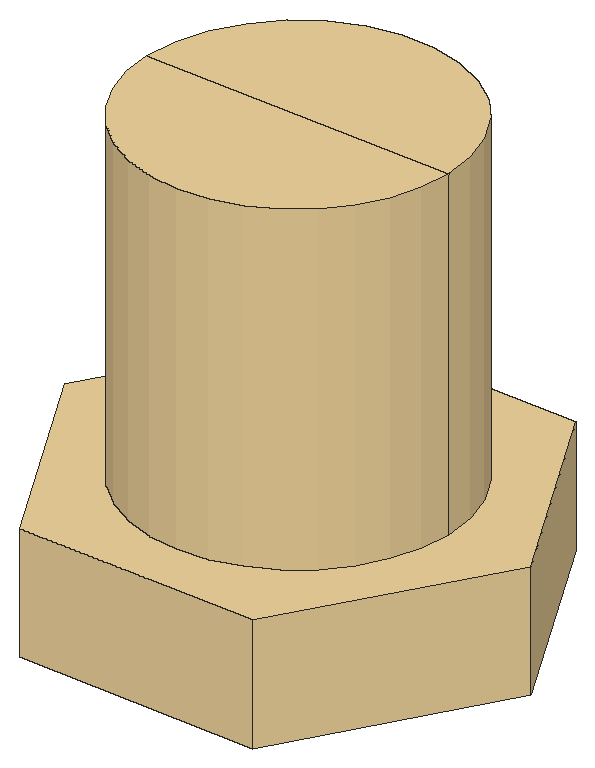
Revit family "252", category Pipe Accessories, Revit 2025
Family settings
  Round Connector Dimension = Use Diameter
  Part Type = Normal
  Work Plane-Based = Yes
  Always vertical = No
  Cut with Voids When Loaded = No
  Shared = Yes
Parameters (values of type "1"F x calotta 1-1/2"F")
  Series = "R252"  # constant formula
  R2 = 22.6 mm
  R1 = 19 mm
  Nut Dimension = 50.8 mm
  Model = "1\"F x calotta 1-1/2\"F"
  Manufacturer = "Giacomini"  # constant formula
  Height = 55.2 mm
  H1 = 14.5 mm
  Description = "Ball valve, female-female connections with nut and gasket, for pump or mixing valve"  # constant formula
  Default Elevation = 1219.2 mm
  Code [instance] = "R252Y001"
Types (3, lengths in mm): name | R2 | R1 | Nut Dimension | Model | Height | H1 | Code
  (no name) | 22.6 | 19 | 50.8 | "1\"F x calotta 1-1/2\"F" | 55.2 | 14.5 | "R252Y001"
  1"F x calotta 1-1/2"F | 22.6 | 19 | 50.8 | "1\"F x calotta 1-1/2\"F" | 55.2 | 14.5 | "R252Y001"
  1-1/4"F x calotta 2"F | 28.5 | 23.6 | 63.1 | "1-1/4\"F x calotta 2\"F" | 66.3 | 15.1 | "R252Y002"
Reference planes
  plane 1 "Center (Front/Back)": y = 0
  plane 2: z = 0
  plane 3 "Center (Left/Right)": x = 0
  plane 4: z = 14.5
  plane 5: z = 55.2
Forms (mm)
  Revolve 1, solid, material "Brass - Giacomini"
    sketch origin (0, 0, 0) x (1, 0, 0) y (0, 0, 1)
      loop
        line (0, 55.2) -> (0, 14.5) -> (19, 14.5) -> (19, 55.2) -> (0, 55.2)
      axis (0, 55.2) -> (0, 14.5)
    angle from 0 to 360
  Extrusion 2, solid, material "Brass - Giacomini"
    sketch origin (0, 0, 0) x (1, 0, 0) y (0, 1, 0)
      loop
        line (-14.665, 25.4) -> (-29.329, 0) -> (-14.665, -25.4) -> (14.665, -25.4) -> (29.329, 0) -> (14.665, 25.4) -> (-14.665, 25.4)
    from 0 to 14.5
  Revolve 3, void
    sketch origin (0, 0, 0) x (1, 0, 0) y (0, 0, 1)
      loop
        line (0, 6.5) -> (0, 0) -> (22.6, 0) -> (22.6, 6.5) -> (0, 6.5)
      axis (0, 6.5) -> (0, 0)
    angle from 0 to 360
Cuts and joins
  Revolve 3 cuts Extrusion 2
Dimensions and locks
  "R1": Revolve 1 sketch curve to Revolve 1 sketch curve
  "Nut Dimension": Extrusion 2 sketch curve to Extrusion 2 sketch curve  (x3)
  equal spacing: Extrusion 2 sketch curve, plane 1 "Center (Front/Back)", Extrusion 2 sketch curve
  equal spacing: Extrusion 2 sketch curve, plane 3 "Center (Left/Right)", Extrusion 2 sketch curve  (x2)
  "H1": plane 4 to level
  "Height": plane 5 to level
  "R2": Revolve 3 sketch curve to Revolve 3 sketch curve
  locked: Revolve 3 sketch curve to Revolve 3 sketch curve at 6.5
  locked: Extrusion 2 sketch curve to Extrusion 2 sketch curve (angle 120.00°)  (x3)
  aligned and locked: level to plane 2
  aligned and locked: plane 3 "Center (Left/Right)" to Revolve 1 sketch curve
  aligned and locked: Revolve 1 sketch curve to Revolve 1 sketch curve
  aligned and locked: Extrusion 2 to level
  aligned and locked: plane 4 to Extrusion 2
  aligned and locked: plane 5 to Revolve 1
  aligned and locked: Revolve 1 sketch curve to plane 5
  aligned and locked: plane 4 to Revolve 1 sketch curve
  aligned and locked: level to Revolve 3 sketch curve
  aligned and locked: plane 3 "Center (Left/Right)" to Revolve 3 sketch curve
  aligned and locked: Revolve 3 sketch curve to plane 3 "Center (Left/Right)"
Automatic sketch dimensions
  Revolve 1 sketch curve to level = 5.497 mm
  Revolve 1 sketch curve to Revolve 1 sketch curve = 13.1 mm
  Revolve 3 sketch curve to level = 7.38 mm
  Revolve 3 sketch curve to Revolve 3 sketch curve = 3.25 mm
